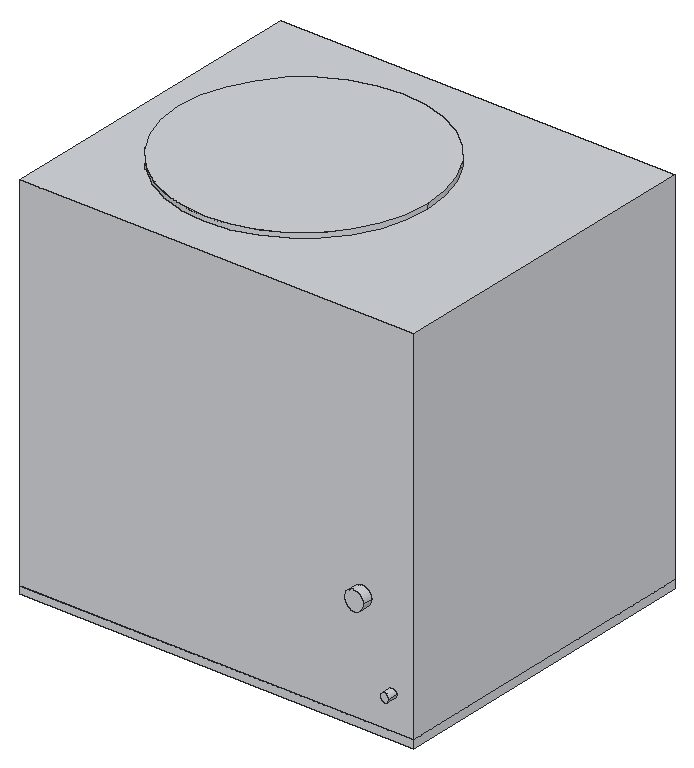
Revit family "03c02c41ac8b4a4e98d2fe9219b62aec", category Mechanical Equipment, Revit 2021
Family settings
  Round Connector Dimension = Use Radius
  Part Type = Normal
  OmniClass Number = 23.75.10.24.21.11.11
  OmniClass Title = Packaged Refrigerant Condensing Coils and Fan Units
  Seek Item ID = Condenser for VPAC - Air Cooled - 3-7.5 Tons-0000-USA-ENU
  Work Plane-Based = No
  Always vertical = Yes
  Cut with Voids When Loaded = No
  Shared = No
  Room Calculation Point = No
Parameters (values of type "3 Tons")
  Voltage = 460 V
  Unit Width = 2' - 10"
  Unit Material = none
  Unit Length = 3' - 5 1/8"
  Unit Height = 3' - 2 3/4"
  Outlet Radius = 7/16"
  Outlet Diameter = Outlet Radius * 2  # 7/8"
  Number of Poles = 3
  Maximum Operating Charge = 33' - 0"
  Load Classification = Cooling
  Inlet Radius = 1"
  Inlet Diameter = Inlet Radius * 2  # 2"
  Fan Radius = Fan Diameter / 2  # 1' - 1"
  Fan Diameter = 2' - 2"
  Default Elevation = 0' - 0"
  C2 Offset2 = 0' - 5 7/16"
  C2 Offset1 = 1' - 0 3/8"
  C1 Offset2 = 0' - 2 1/4"
  C1 Offset1 = 0' - 4 3/8"
  Apparent Load = 3820 VA
Types (4): name | Unit Width | Unit Length | Fan Radius | Fan Diameter | C2 Offset2 | C2 Offset1 | C1 Offset2 | C1 Offset1 | Apparent Load
  (no name) | 2' - 10" | 3' - 5 1/8" | 1' - 1" | 2' - 2" | 0' - 5 7/16" | 1' - 0 3/8" | 0' - 2 1/4" | 0' - 4 3/8" | 3820 VA
  3 Tons | 2' - 10" | 3' - 5 1/8" | 1' - 1" | 2' - 2" | 0' - 5 7/16" | 1' - 0 3/8" | 0' - 2 1/4" | 0' - 4 3/8" | 3820 VA
  5 Tons | 2' - 10" | 3' - 5 1/8" | 1' - 1" | 2' - 2" | 0' - 5 7/16" | 1' - 0 3/8" | 0' - 2 1/4" | 0' - 4 3/8" | 6810 VA
  7.5 Tons | 3' - 2" | 4' - 3 3/16" | 1' - 2" | 2' - 4" | 0' - 5 1/8" | 1' - 1 7/16" | 0' - 5 7/16" | 0' - 7 7/8" | 8330 VA
Reference planes (in)
  plane 1 "Center (Front/Back)": y = 0
  plane 2: z = 0
  plane 3 "Center (Left/Right)": x = 0
  plane 4: x = 41.125
  plane 5: z = 38.75
  plane 6: z = 4.375
  plane 7: z = 12.375
  plane 8: x = 30.5
  plane 9: x = 38.875
  plane 10: x = 35.6875
  plane 11: x = 3
  plane 12: y = 34
  plane 13: y = 17
  plane 14: x = 16
  plane 15: z = 30.25
  plane 16: x = 36.375
  plane 17: z = 39.25
  plane 18: y = -1
  plane 19: y = 1
  plane 20: z = 0.8
Forms (in)
  Extrusion 1, solid, material <- "Unit Material"
    sketch origin (0, 0, 0) x (1, 0, 0) y (0, 0, 1)
      loop
        line (0, 38.75) -> (0, 0.8) -> (41.125, 0.8) -> (41.125, 38.75) -> (0, 38.75)
    from 0 to -34
  Extrusion 2, solid, material <- "Unit Material"
    sketch origin (0, 0, 0) x (1, 0, 0) y (0, 1, 0)
      loop
        circle (16, 17) r 13
    from 38.75 to 39.25
  Extrusion 3, solid, material <- "Unit Material"
    sketch origin (0, 0, 0) x (1, 0, 0) y (0, 0, 1)
      loop
        circle (38.875, 4.375) r 0.4375
    from 0 to 1
  Extrusion 4, solid, material <- "Unit Material"
    sketch origin (0, 0, 0) x (1, 0, 0) y (0, 0, 1)
      loop
        circle (35.6875, 12.375) r 1
    from 0 to 1
  Extrusion 5, solid, material <- "Unit Material"
    sketch origin (0, 0, 0) x (1, 0, 0) y (0, 0, 1)
      loop
        circle (36.375, 30.25) r 0.5
    from -1 to 0
  Extrusion 6, solid, material <- "Unit Material"
    sketch origin (0, 0, 0) x (1, 0, 0) y (0, 0, 1)
      loop
        line (0, 0.8) -> (0, 0) -> (41.125, 0) -> (41.125, 0.8) -> (0, 0.8)
    from -34 to 0
Cuts and joins
  joined: Extrusion 1, Extrusion 5
Lines and regions (in)
  model lines
    curve 1: line (16, 0, 38.75) -> (16, 0, 0.8)
Dimensions and locks (in)
  "Unit Length": plane 4 to plane 3 "Center (Left/Right)"
  "Unit Height": plane 5 to plane 2
  "C1 Offset1": plane 6 to plane 2
  "C2 Offset1": plane 7 to plane 2
  locked: plane 4 to plane 8 at 10.625
  "C1 Offset2": plane 4 to plane 9
  "C2 Offset2": plane 4 to plane 10
  locked: plane 11 to plane 3 "Center (Left/Right)" at 3
  "Unit Width": plane 12 to plane 1 "Center (Front/Back)"
  equal spacing: plane 12, plane 13, plane 1 "Center (Front/Back)"
  "Fan Radius": plane 11 to plane 14
  locked: plane 15 to plane 2 at 30.25
  locked: plane 4 to plane 16 at 4.75
  locked: plane 17 to plane 5 at 0.5
  locked: plane 1 "Center (Front/Back)" to plane 18 at 1
  locked: plane 19 to plane 1 "Center (Front/Back)" at 1
  locked: plane 20 to plane 2 at 0.8
  "Fan Radius": radius of Extrusion 2 sketch curve
  "Outlet Radius": radius of Extrusion 3 sketch curve
  "Inlet Radius": radius of Extrusion 4 sketch curve
  radius of Extrusion 5 sketch curve = 0' - 0 1/2"
  aligned and locked: plane 3 "Center (Left/Right)" to Extrusion 1 sketch curve
  aligned and locked: Extrusion 1 sketch curve to plane 4
  aligned and locked: Extrusion 1 sketch curve to plane 5
  aligned and locked: Extrusion 1 to plane 1 "Center (Front/Back)"
  aligned and locked: plane 12 to Extrusion 1
  aligned and locked: plane 13 to Extrusion 2 sketch curve
  aligned and locked: plane 14 to Extrusion 2 sketch curve
  aligned and locked: plane 5 to Extrusion 2
  aligned and locked: plane 17 to Extrusion 2
  aligned and locked: plane 6 to Extrusion 3 sketch curve
  aligned and locked: plane 9 to Extrusion 3 sketch curve
  aligned and locked: plane 7 to Extrusion 4 sketch curve
  aligned and locked: plane 10 to Extrusion 4 sketch curve
  aligned and locked: plane 15 to Extrusion 5 sketch curve
  aligned and locked: plane 16 to Extrusion 5 sketch curve
  aligned and locked: plane 19 to Extrusion 5
  aligned and locked: plane 1 "Center (Front/Back)" to Extrusion 5
  aligned and locked: Extrusion 4 to plane 1 "Center (Front/Back)"
  aligned and locked: Extrusion 3 to plane 1 "Center (Front/Back)"
  aligned and locked: plane 18 to Extrusion 4  (x3)
  aligned and locked: plane 18 to Extrusion 3  (x2)
  aligned and locked: plane 20 to Extrusion 1 sketch curve
  aligned and locked: plane 3 "Center (Left/Right)" to Extrusion 6 sketch curve
  aligned and locked: Extrusion 6 sketch curve to plane 20
  aligned and locked: plane 2 to Extrusion 6 sketch curve
  aligned and locked: Extrusion 6 sketch curve to plane 4
  aligned and locked: plane 12 to Extrusion 6
  aligned and locked: plane 1 "Center (Front/Back)" to Extrusion 6
  aligned and locked: plane 1 "Center (Front/Back)" to Extrusion 4  (x2)
  aligned and locked: plane 1 "Center (Front/Back)" to Extrusion 3
  aligned and locked: plane 5 to curve 1
  aligned and locked: plane 20 to curve 1
  aligned and locked: curve 1 to plane 14
Connectors (in)
  piping at (38.875, -1, 4.375), diameter 0.875, driven by "Outlet Radius"
    settings: on Extrusion 3, index 1, connector inside diameter 7/8", connector length 0' - 0", flow factor 0, pipe flow 0 GPM, pressure drop 0.00 psi, fitting loss kfactor 0, connector angle 0.00°, fixture units 0, engagement length 0' - 0", angle of deflection 0.00°, flow configuration 0, flow direction 2, fitting loss method 0, system type 22, joint type 0, gender type 0, connector reference index 2, connector utility 0, adjustable connector no, is connector primary yes, connector description "Cryogen Out"
  piping at (35.6875, -1, 12.375), diameter 2, driven by "Inlet Radius"
    settings: on Extrusion 4, index 2, connector inside diameter 2", connector length 0' - 0", flow factor 0, pipe flow 0 GPM, pressure drop 0.00 psi, fitting loss kfactor 0, connector angle 0.00°, fixture units 0, engagement length 0' - 0", angle of deflection 0.00°, flow configuration 0, flow direction 1, fitting loss method 0, system type 22, joint type 0, gender type 0, connector reference index 1, connector utility 0, adjustable connector no, is connector primary no, connector description "Cryogen In"
  electrical at (36.375, 0, 30.25), driven by "Apparent Load", driven by "Voltage", driven by "Number of Poles", driven by "Load Classification"
    settings: on Extrusion 5, index 3, voltage 460 V, apparent load 3820 VA, apparent load phase1 0 VA, apparent load phase2 0 VA, apparent load phase3 0 VA, power factor 0.8, load classification "Cooling", number of poles 3, system type 30, power factor state 1, is connector primary yes, connector utility no, sub classification motor no, connector description ""
